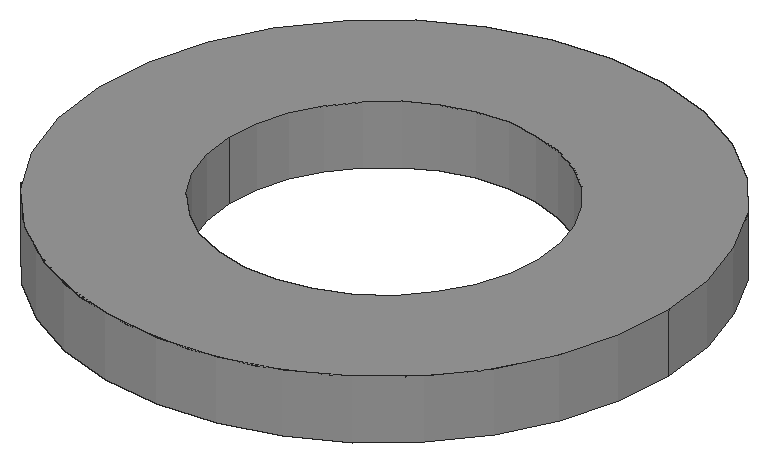
Revit family "Unterlegscheibe - 966 M12 F", category Generic Models, Revit 2017
Family settings
  Can host rebar = No
  Round Connector Dimension = Use Diameter
  Part Type = Normal
  Work Plane-Based = No
  Always vertical = Yes
  Cut with Voids When Loaded = No
  Shared = No
  Room Calculation Point = No
Parameters (values of type "966 M12 F")
  URL = "http://www.obo-bettermann.com"
  Material = Hot dip galvanised
  Manufacturer Art.No. = "3402479"
  Manufacturer = "OBO BETTERMANN"
  GTIN = "4012195300915"
  Diameter 1 = 13 mm
  Diameter = 24 mm
  Article Type = "966 M12 F"
Reference planes
  plane 1 "Center (Front/Back)": y = 0
  plane 2: z = 0
  plane 3 "Center (Left/Right)": x = 0
  plane 4: z = 2.5
Forms (mm)
  Extrusion 1, solid, material "Hot dip galvanised" <- "Material"
    sketch origin (0, 0, 0) x (1, 0, 0) y (0, 1, 0)
      loop
        circle (0, 0) r 12
    from 0 to 2.5
  Extrusion 2, void
    sketch origin (0, 0, 0) x (1, 0, 0) y (0, 1, 0)
      loop
        circle (0, 0) r 6.541
    from 0 to 2.5
Cuts and joins
  Extrusion 2 cuts Extrusion 1
Dimensions and locks
  locked: plane 3 "Center (Left/Right)" to Extrusion 1 sketch curve
  locked: plane 3 "Center (Left/Right)" to Extrusion 1 sketch curve at 12
  locked: plane 4 to Extrusion 1 at 2.5
  locked: plane 3 "Center (Left/Right)" to Extrusion 2 sketch curve
  locked: plane 3 "Center (Left/Right)" to Extrusion 2 sketch curve at 6.541
  aligned and locked: level to plane 2
  aligned and locked: Extrusion 1 to level
  aligned and locked: plane 4 to Extrusion 1
  aligned and locked: Extrusion 2 to level
  aligned and locked: Extrusion 1 to Extrusion 2
